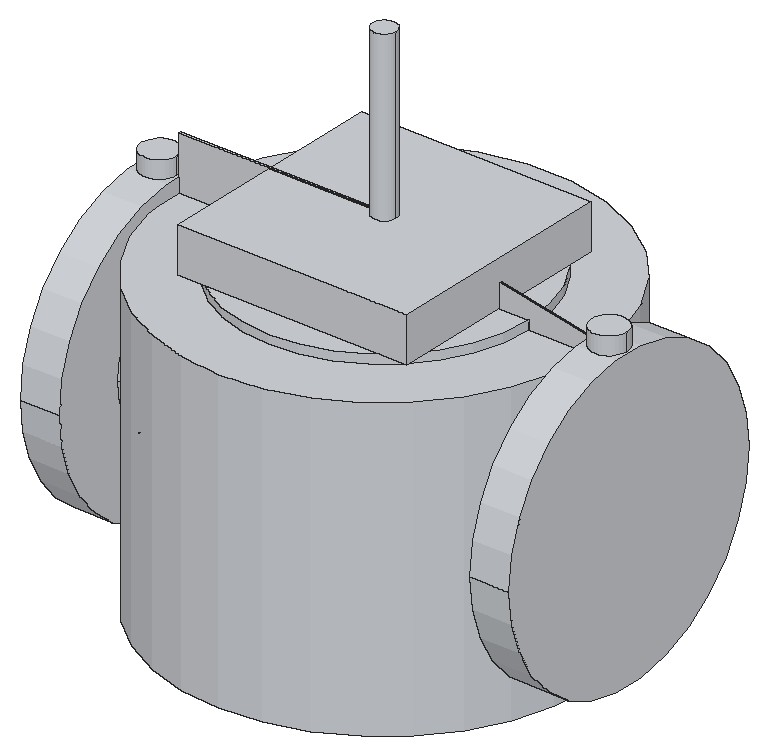
Revit family "OC-FLANGE_LF_DN250-300_PN25_RFA_2018", category Pipe Accessories, Revit 2018
Family settings
  Round Connector Dimension = Use Diameter
  Part Type = Valve - Breaks Into
  Work Plane-Based = No
  Always vertical = Yes
  Cut with Voids When Loaded = No
  Shared = No
Parameters (values of type "Optima Compact Flange PN25 DN300 LF")
  magiProductId = "927549d0afbe43c2b0a2f05f2749bf"
  magiProductFamilyId = "6671a74a2b704780975e46da077cee"
  magiPartTypeId = 304
  isMeasuringValve [instance] = no
  ang2D [instance] = 0.00°
  W2D = 50 mm
  VersionID = "2.0/2018.12.13.2/FRESE_OPT_COMP_BIG_Q13_001"
  Use Minimum Symbol Size [instance] = no
  URL = "www.hydronic.cz"
  Type Comments = "Přírubový; PN25; 0~110°C, s měřením"
  R4 = 251.65 mm
  R3 = 135.2 mm
  R1 = 359.5 mm
  QmdConnectorList = "301;D;302;D"
  Productdata [instance] = ""
  Manufacturer = "Hydronic Systems Prague s.r.o."
  MC Use Limits From Balancing Method = no
  MC Throttling Minimum Value = 0
  MC Throttling Maximum Value = 0
  MC Product Code = "53-1228 (DN300 LF; 48mm; pohon min 2500N; Qmin-dpmin 190000l/h-10.0kPa; Qmax-dpmin 475000l/h-35.0kPa; dpmax 800kPa)"
  MC Pressure Drop Minimum Value = 0.0 Pa
  MC Pressure Drop Maximum Value = 0.0 Pa
  MC Piping Given Pressure Drop [instance] = 0.0 Pa
  LF__ve = -LF  # -68 mm
  LF2 = 34 mm
  LF = 68 mm
  L4 = 399.5 mm
  L3 = 714 mm
  L2D_Min = 30.48 mm
  L2D = 230 mm
  L2 = 425 mm
  H6 = 290 mm
  H4 = 78 mm
  H3 = 15 mm
  H2 = 286 mm
  H1 = 520 mm
  H = 1132 mm
  Description = "Pressure independent control valve"
  DF2 = 260 mm
  DD = yes
  D = 300 mm
  CAT0 = yes
  Assembly Code = "Tlakově nezávislý 2-cestný regulační vyvažovací ventil (PICV)"
  AL2 = 156 mm
  ACT3W = 167 mm
  ACT3L = 92.5 mm
  ACT2L = 230 mm
  ACT2H = 311 mm
  A3WP = 112 mm
Types (2, lengths in mm): name | magiProductId | R4 | R3 | R1 | MC Product Code | LF__ve | LF2 | LF | L4 | L3 | L2 | H6 | H4 | H2 | H1 | H | DF2 | D
  Optima Compact Flange PN25 DN250 LF | "20821eea46024d2fbc17bc30e76bb6" | 192.15 | 115.44 | 274.5 | "53-1227 (DN250 LF; 48mm; pohon min 2500N; Qmin-dpmin 190000l/h-10.0kPa; Qmax-dpmin 475000l/h-35.0kPa; dpmax 800kPa)" | -58.4 | 29.2 | 58.4 | 343.1 | 613.2 | 365 | 339.4 | 66.6 | 244.2 | 444 | 1094 | 222 | 250
  Optima Compact Flange PN25 DN300 LF | "927549d0afbe43c2b0a2f05f2749bf" | 251.65 | 135.2 | 359.5 | "53-1228 (DN300 LF; 48mm; pohon min 2500N; Qmin-dpmin 190000l/h-10.0kPa; Qmax-dpmin 475000l/h-35.0kPa; dpmax 800kPa)" | -68 | 34 | 68 | 399.5 | 714 | 425 | 290 | 78 | 286 | 520 | 1132 | 260 | 300
Reference planes
  plane 1 "Center (Front/Back)": y = 0
  plane 2 "XYPLANE": z = 0
  plane 3 "Center (Left/Right)": x = 0
  plane 4 "362": y = 45
  plane 5 "361": y = 55
  plane 6 "360": y = -102
  plane 7 "359": y = -112
  plane 8 "358": z = 852
  plane 9 "357": x = -87.5
  plane 10 "356": x = 87.5
  plane 11 "355": x = -92.5
  plane 12 "354": x = 92.5
  plane 13 "353": x = 35
  plane 14 "352": x = -35
  plane 15 "351": z = 627
  plane 16 "350": z = 812
  plane 17 "347": y = -25
  plane 18 "346": y = 25
  plane 19 "342": z = 328
  plane 20 "341": x = 357
  plane 21 "340": x = -357
  plane 22 "335": x = 106
  plane 23 "334": z = 759
  plane 24 "333": z = 684
  plane 25 "332": z = 689
  plane 26 "331": z = 729
  plane 27 "330": z = 561
  plane 28 "329": z = -260
  plane 29 "328": x = -45
  plane 30 "327": x = 45
  plane 31 "326": x = -49
  plane 32 "325": x = 49
  plane 33 "324": y = -20
  plane 34 "323": y = 20
  plane 35 "322": z = 869
  plane 36 "321": z = 872
  plane 37 "320": z = 581
  plane 38 "319": y = -61
  plane 39 "318": y = 73
  plane 40 "317": x = -74
  plane 41 "316": x = 156
  plane 42 "206": x = 391
  plane 43 "205": x = -391
  plane 44 "204": z = 260
  plane 45 "203": z = 327
  plane 46 "202": z = 249
  plane 47 "201": z = 234
  plane 48 "200": x = -357
  plane 49 "199": z = -286
  plane 50 "198": x = 0
  plane 51 "197": y = 0
  plane 52 "196": z = 0
  plane 53 "195": x = -425
  plane 54 "194": x = 425
  plane 55 "193": z = 617
  plane 56 "192": z = 781
Forms (mm)
  Extrusion 1, solid, visible <- "DD"
    sketch origin (750, 0, 0) x (-1, 0, 0) y (0, 0, 1)
      loop
        line (1107, 328) -> (750, 328) -> (393, 260) -> (393, -260) -> (1107, -260) -> (1107, 328)
    from 0 to 3
  Extrusion 2, solid, visible <- "CAT0"
    sketch origin (-750, 0, 260) x (1, 0, 0) y (0, 1, 0)
      loop
        circle (1141, 0) r 30.3
    from 0 to 30
  Extrusion 3, solid, visible <- "CAT0"
    sketch origin (-750, 0, 260) x (1, 0, 0) y (0, 1, 0)
      loop
        circle (359, 0) r 30.3
    from 0 to 30
  Extrusion 4, solid, visible <- "CAT0"
    sketch origin (-750, 0, 327) x (1, 0, 0) y (0, 1, 0)
      loop
        circle (750, 0) r 20
    from 0 to 290 <- "H6"
  Extrusion 5, solid, visible <- "CAT0"
    sketch origin (-750, 0, 249) x (1, 0, 0) y (0, 1, 0)
      loop
        line (949.75, 199.75) -> (550.25, 199.75) -> (550.25, -199.75) -> (949.75, -199.75) -> (949.75, 199.75)
    from 0 to 78 <- "H4"
  Extrusion 6, solid, visible <- "CAT0"
    sketch origin (-750, 0, 234) x (1, 0, 0) y (0, 1, 0)
      loop
        circle (750, 0) r 251.65
    from 0 to 15 <- "H3"
  Extrusion 7, solid, visible <- "CAT0"
    sketch origin (-357, -750, 0) x (0, 1, 0) y (0, 0, 1)
      loop
        circle (750, 0) r 135.2
    from 0 to 714 <- "L3"
  Extrusion 8, solid, visible <- "CAT0"
    sketch origin (-750, 0, -286) x (1, 0, 0) y (0, 1, 0)
      loop
        circle (750, 0) r 359.5
    from 0 to 520 <- "H1"
  Extrusion 9, solid, visible <- "CAT0"
    sketch origin (-425, -750, 0) x (0, 1, 0) y (0, 0, 1)
      loop
        circle (750, 0) r 260
    from 0 to 68 <- "LF"
  Extrusion 10, solid, visible <- "CAT0"
    sketch origin (425, -750, 0) x (0, 1, 0) y (0, 0, 1)
      loop
        circle (750, 0) r 260
    from 0 to -68 <- "LF__ve"
  Extrusion 11, solid, not visible
    sketch origin (-425, -750, 0) x (0, 1, 0) y (0, 0, 1)
      loop
        circle (750, 0) r 10
    from 0 to 10
  Extrusion 12, solid, not visible
    sketch origin (425, -750, 0) x (0, 1, 0) y (0, 0, 1)
      loop
        circle (750, 0) r 10
    from 0 to -10
Lines and regions (mm)
  reference lines, not visible
    curve 1: circle (2, 2, 0) r 1 normal (0, 0, 1)
  reference lines
    curve 2: line (-49, -20, 561) -> (49, -20, 561)
    curve 3: line (49, -20, 561) -> (49, 20, 561)
    curve 4: line (49, 20, 561) -> (-49, 20, 561)
    curve 5: line (-49, 20, 561) -> (-49, -20, 561)
    curve 6: circle (0, 0, 249) r 1 normal (0, 0, 1)
Dimensions and locks
  plane 1 "Center (Front/Back)" to curve 1 = 2 mm
  locked: plane 5 "361" to plane 4 "362" at 10
  "ACT3W": plane 7 "359" to plane 5 "361"
  locked: plane 7 "359" to plane 6 "360" at 10
  "A3WP": plane 51 "197" to plane 7 "359"
  locked: plane 36 "321" to plane 8 "358" at 20
  locked: plane 11 "355" to plane 9 "357" at 5
  locked: plane 12 "354" to plane 10 "356" at 5
  "ACT3L": plane 50 "198" to plane 11 "355"
  "ACT3L": plane 50 "198" to plane 12 "354"
  locked: plane 30 "327" to plane 13 "353" at 10
  locked: plane 29 "328" to plane 14 "352" at 10
  locked: plane 36 "321" to plane 15 "351" at 245
  locked: plane 36 "321" to plane 16 "350" at 60
  locked: plane 51 "197" to plane 17 "347" at 25
  locked: plane 51 "197" to plane 18 "346" at 25
  "LF": plane 44 "204" to plane 19 "342"
  "LF": plane 54 "194" to plane 20 "341"
  "LF": plane 53 "195" to plane 21 "340"
  locked: plane 41 "316" to plane 22 "335" at 50
  locked: plane 26 "331" to plane 23 "334" at 30
  locked: plane 35 "322" to plane 24 "333" at 185
  locked: plane 35 "322" to plane 25 "332" at 180
  locked: plane 35 "322" to plane 26 "331" at 140
  "ACT2H": plane 36 "321" to plane 27 "330"
  "DF2": plane 52 "196" to plane 28 "329"
  locked: plane 30 "327" to plane 29 "328" at 90
  locked: plane 50 "198" to plane 30 "327" at 45
  locked: plane 50 "198" to plane 31 "326" at 49
  locked: plane 50 "198" to plane 32 "325" at 49
  locked: plane 34 "323" to plane 33 "324" at 40
  locked: plane 51 "197" to plane 34 "323" at 20
  locked: plane 36 "321" to plane 35 "322" at 3
  "H": plane 28 "329" to plane 36 "321"
  locked: plane 27 "330" to plane 37 "320" at 20
  locked: plane 51 "197" to plane 38 "319" at 61
  locked: plane 51 "197" to plane 39 "318" at 73
  "ACT2L": plane 41 "316" to plane 40 "317"
  "AL2": plane 50 "198" to plane 41 "316"
  "LF2": plane 54 "194" to plane 42 "206"
  "LF2": plane 53 "195" to plane 43 "205"
  "DF2": plane 2 "XYPLANE" to plane 44 "204"
  "H4": plane 46 "202" to plane 45 "203"
  "H3": plane 47 "201" to plane 46 "202"
  "H1": plane 49 "199" to plane 47 "201"
  "LF": plane 53 "195" to plane 48 "200"
  "H2": plane 2 "XYPLANE" to plane 49 "199"
  locked: plane 3 "Center (Left/Right)" to plane 50 "198"
  locked: plane 1 "Center (Front/Back)" to plane 51 "197"
  locked: plane 2 "XYPLANE" to plane 52 "196"
  "L2": plane 3 "Center (Left/Right)" to plane 53 "195"
  "L2": plane 3 "Center (Left/Right)" to plane 54 "194"
  "H6": plane 45 "203" to plane 55 "193"
  locked: plane 55 "193" to plane 56 "192" at 164
  Extrusion 1 sketch curve to Extrusion 1 sketch curve = 0 mm  (x10)
  equal spacing: Extrusion 5 sketch curve, curve 6, Extrusion 5 sketch curve  (x2)
  "L4": Extrusion 5 sketch curve to Extrusion 5 sketch curve  (x2)
  Extrusion 5 sketch curve to Extrusion 5 sketch curve = 0 mm  (x8)
  "R4": radius of Extrusion 6 sketch curve
  "R3": radius of Extrusion 7 sketch curve
  "R1": radius of Extrusion 8 sketch curve
  "DF2": radius of Extrusion 9 sketch curve
  "DF2": radius of Extrusion 10 sketch curve
  aligned and locked: level to plane 2 "XYPLANE"
  aligned and locked: plane 21 "340" to Extrusion 1 sketch curve  (x2)
  aligned and locked: plane 19 "342" to Extrusion 1 sketch curve
  aligned and locked: plane 28 "329" to Extrusion 1 sketch curve  (x2)
  aligned and locked: plane 20 "341" to Extrusion 1 sketch curve  (x2)
  aligned and locked: plane 44 "204" to Extrusion 1 sketch curve
  aligned and locked: plane 50 "198" to Extrusion 1 sketch curve
  aligned and locked: Extrusion 1 sketch curve to plane 19 "342"
  aligned and locked: curve 2 to plane 33 "324"
  aligned and locked: plane 31 "326" to curve 2
  aligned and locked: plane 32 "325" to curve 2
  aligned and locked: plane 33 "324" to curve 3
  aligned and locked: plane 34 "323" to curve 3
  aligned and locked: plane 32 "325" to curve 4
  aligned and locked: plane 31 "326" to curve 4
  aligned and locked: plane 34 "323" to curve 5
  aligned and locked: plane 42 "206" to Extrusion 2 sketch curve
  aligned and locked: plane 51 "197" to Extrusion 2 sketch curve
  aligned and locked: plane 43 "205" to Extrusion 3 sketch curve
  aligned and locked: plane 51 "197" to Extrusion 3 sketch curve
  aligned and locked: plane 50 "198" to Extrusion 4 sketch curve
  aligned and locked: plane 51 "197" to Extrusion 4 sketch curve
  aligned and locked: plane 50 "198" to curve 6
  aligned and locked: plane 51 "197" to curve 6
  aligned and locked: plane 50 "198" to Extrusion 6 sketch curve
  aligned and locked: plane 51 "197" to Extrusion 6 sketch curve
  aligned and locked: Extrusion 7 sketch curve to plane 51 "197"
  aligned and locked: plane 52 "196" to Extrusion 7 sketch curve
  aligned and locked: plane 50 "198" to Extrusion 8 sketch curve
  aligned and locked: plane 51 "197" to Extrusion 8 sketch curve
  aligned and locked: Extrusion 9 sketch curve to plane 51 "197"
  aligned and locked: plane 52 "196" to Extrusion 9 sketch curve
  aligned and locked: Extrusion 10 sketch curve to plane 51 "197"
  aligned and locked: plane 52 "196" to Extrusion 10 sketch curve
  aligned and locked: Extrusion 11 sketch curve to plane 51 "197"
  aligned and locked: plane 52 "196" to Extrusion 11 sketch curve
  aligned and locked: Extrusion 12 sketch curve to plane 51 "197"
  aligned and locked: plane 52 "196" to Extrusion 12 sketch curve
Automatic sketch dimensions
  plane 20 "341" to Extrusion 2 sketch curve = 3.7 mm
  plane 53 "195" to Extrusion 3 sketch curve = 3.7 mm
  plane 14 "352" to Extrusion 4 sketch curve = 15 mm
  plane 1 "Center (Front/Back)" to Extrusion 11 sketch curve = 10 mm
  plane 1 "Center (Front/Back)" to Extrusion 12 sketch curve = 10 mm
  plane 3 "Center (Left/Right)" to curve 1 = 2 mm
  Extrusion 5 sketch curve to plane 11 "355" = 107.25 mm
  Extrusion 5 sketch curve to plane 7 "359" = 87.75 mm
  radius of curve 6 = 1 mm
  radius of curve 1 = 1 mm
Connectors
  piping at (-425, 0, 0), diameter 300, driven by "D"
    settings: on Extrusion 11, index 1, connector inside diameter 609.6 mm, connector length 0 mm, flow factor 0, pipe flow 0.0 L/s, pressure drop 0.0 Pa, fitting loss kfactor 0, connector angle 0.00°, fixture units 0, engagement length 0 mm, angle of deflection 0.00°, flow configuration 0, flow direction 0, fitting loss method 0, system type 29, joint type 0, gender type 0, connector reference index 2, connector utility 0, adjustable connector no, is connector primary yes, connector description ""
  piping at (425, 0, 0), diameter 300, driven by "D"
    settings: on Extrusion 12, index 2, connector inside diameter 609.6 mm, connector length 0 mm, flow factor 0, pipe flow 0.0 L/s, pressure drop 0.0 Pa, fitting loss kfactor 0, connector angle 0.00°, fixture units 0, engagement length 0 mm, angle of deflection 0.00°, flow configuration 0, flow direction 0, fitting loss method 0, system type 29, joint type 0, gender type 0, connector reference index 1, connector utility 0, adjustable connector no, is connector primary no, connector description ""
